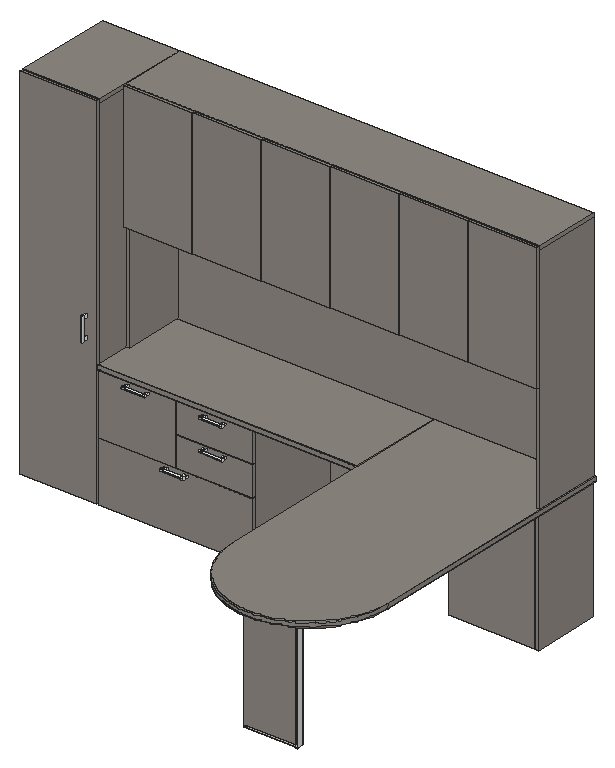
Revit family "JSI-Vision-Typical_Veneer-VSV013", category Furniture, Revit 2020
Family settings
  OmniClass Number = 23.40.20.00
  OmniClass Title = General Furniture and Specialties
  Work Plane-Based = No
  Always vertical = Yes
  Cut with Voids When Loaded = No
  Shared = No
  Room Calculation Point = No
Parameters (values of type "VST013")
  URL = "www.jsifurniture.com"
  Type Comments = "Typical Laminate"  # constant formula
  Model = "VST013"
  Manufacturer = "JSI"  # constant formula
  Keynote = "12500"
  Description = "Typical Laminate"
  Default Elevation = 0"
  Assembly Code = "E2020200"
Reference planes (in)
  plane 1 "Center Front/Back": y = 0
  plane 2: z = 0
  plane 3 "Center Left/Right": x = 0
Dimensions and locks (in)
  aligned and locked: plane 2 to level
Nested families (in)
  nested 1: "JSI-Vision-Double_Height_Overhead_Cabinets" at (17.8125, 0, -0.816), type "VSV1696DSO -  Veneer Dbl H OH Cabinet 16" x 96" -  6 Doors"
    with Verticall Partition Distance 31 13/16", Unit Centre 48", Width 96", Door Width Actual 15 13/16", Door Array Spacing 15 15/16", Door Width 15 13/16"
  nested 2: "JSI-Vision-Storage_Cabinet" at (0, 0.125, 0), type "VSV2418-84HL, Veneer 84" H Strg Cab24" x 18""
    with Width 17.88", Unit Centre 8.8775", Shelve Width 16.255", Pull Distance 15.13", HRL yes, Actual Width 17.755"
  nested 3: "JSI-Vision-Multi_File_Return" at (78, 0, 0), type "VSV2460MLL, Veneer Multi File Ret, Left Handed, 24" x 60""
    with Width 60", Ped Position 24", Ped Height 27.9965", Lat Pstn 18", Height 29.184", Ped Depth 23 5/8", Modesty Width 24 7/8", Grommet Position 13.56", Depth 24"
  nested 4: "JSI-Vision-Modular_Bullet_Desk_Top" at (88.75, 36.0641344, -0.816) x (0, 1, 0) z (0, 0, 1), type "VSV3678MBULT -  Modular Bullet Desk Top 78"W x 36"D"
    with Width 78", Radius 18", Depth 36"
  nested 5: "JSI-Vision-Executive_Base" at (89.75, -70.5000766, 0) x (0, 1, 0) z (0, 0, 1), type "VSV1328PEXB, Column Base 28 5/16"H"
  nested 6: "JSI-Vision-Support_Rail_Work_Surface" at (88.5741607, -63.7686668, 0.1842776) x (0, 1, 0) z (0, 0, 1), type "GP0249SB, Metal Support Rail for Work Surface  2W49 L 3/4H"
  nested 7: "JSI-Vision-Support_Rail_Work_Surface" at (103.4258393, -63.7686668, 0.1842776) x (0, 1, 0) z (0, 0, 1), type "GP0249SB, Metal Support Rail for Work Surface  2W49 L 3/4H"
  nested 8: "JSI-Vision-Modular_Wing_End_Support" at (113.75, -0.0625, 0) x (0, -1, 0) z (0, 0, 1), type "VSV1636WEAL, Wing End Sup - Left"
    with Depth 36"
Definition of nested family "JSI-Vision-Double_Height_Overhead_Cabinets"
  Parameters (values of type "Double Height Overhead Cabbinet - Type Catalog Family")
    Verticall Partition Distance = (Door Width * 2) + 3/16"  # 29 13/16"
    Unit Centre = Width / 2  # 45"
    Top = none
    Width = 90"
    URL = "www.jsifurniture.com"
    Type Comments = ""
    Tag = "6 Doors"
    Series = "Vision Casegoods"  # constant formula
    Right Vertical Partition = yes
    Overhead Height = 26 1/2"
    Model = "Type Catalog"
    Material = ""
    Manufacturer = "JSI"  # constant formula
    Left Vertical Partition = yes
    Keynote = "12500"  # constant formula
    JSI Enviromental Website = "http://www.jsifurniture.com/jsi_sustainability_intro.php"
    Height = 54"
    Grommet Finish = none
    Gromett Height = 24 5/8"
    Door Width Actual = if(# of Doors > 4, ((Width - 1 1/8") / # of Doors), if(# of Doors > 3, (((Width - 1 1/8") / # of Doors) + 1/16"), if(# of Doors > 2, (((Width - 1 1/8") / # of Doors) + 1/8"), (((Width - 1 1/8") / # of Doors) + 1/4"))))  # 14 13/16"
    Door Array Spacing = Door Width + 1/8"  # 14 15/16"
    Door Width = Door Width Actual  # 14 13/16"
    Door Front = none
    Description = "Type Catalog"
    Depth = 16"
    Default Elevation = 0"
    Chassis = none
    Assembly Code = "E2020200"
    # of Doors = if(Width > 89", 6, (if(Width > 53", 4, (if(Width > 41", 3, (if(Width > 30", 2, 2)))))))  # 6
  Reference planes (in)
    plane 1 "Center Front/Back": y = 0
    plane 2: z = 30
    plane 3 "Center Left/Right": x = 0
    plane 4: z = 0
    plane 5: y = -0.125
    plane 6: x = 90
    plane 7: x = 0.125
    plane 8: x = 89.875
    plane 9: y = -15.5625
    plane 10: y = -16
    plane 11: z = 84.5
    plane 12: z = 84
    plane 13: x = 0.875
    plane 14: x = 89.125
    plane 15: y = -0.875
    plane 16: y = -0.9375
    plane 17: y = -1.6875
    plane 18: z = 83.75
    plane 19: z = 56.5
    plane 20: z = 57.25
    plane 21: z = 55
    plane 22: y = -14.8125
    plane 23: y = -14.0625
    plane 24: z = 70.5
    plane 25: z = 70.875
    plane 26: z = 70.125
    plane 27: x = 0.25
    plane 28: x = 89.75
    plane 29: z = 84.4375
    plane 30: z = 55.1875
    plane 31: y = -15.6875
    plane 32: y = -16.4375
    plane 33: x = 18.0625
    plane 34: x = 18.1875
    plane 35: x = 18.125
    plane 36: x = 45
    plane 37: x = 30.0625
    plane 38: x = 59.9375
    plane 39: x = 29.6875
    plane 40: x = 30.4375
    plane 41: x = 59.5625
    plane 42: x = 60.3125
    plane 43 "Not a Reference": x = 6.875
    plane 44: x = 83.125
  Forms (in)
    Extrusion 1, solid, material <- "Chassis"
      sketch origin (0, 0, 0) x (1, 0, 0) y (0, 1, 0)
        loop
          line (0.125, -0.125) -> (0.125, -15.5625) -> (0.875, -15.5625) -> (0.875, -0.125) -> (0.125, -0.125)
      from 30 to 83.75
    Extrusion 2, solid, material <- "Chassis"
      sketch origin (0, 0, 0) x (1, 0, 0) y (0, 1, 0)
        loop
          line (89.875, -0.125) -> (89.125, -0.125) -> (89.125, -15.5625) -> (89.875, -15.5625) -> (89.875, -0.125)
      from 30 to 83.75
    Extrusion 3, solid, material <- "Top"
      sketch origin (0, 0, 30) x (1, 0, 0) y (0, 0, 1)
        loop
          line (0.125, 54.5) -> (0.125, 53.75) -> (89.875, 53.75) -> (89.875, 54.5) -> (0.125, 54.5)
      from 0.125 to 15.5625
    Extrusion 4, solid, material <- "Chassis"
      sketch origin (0, 0, 30) x (1, 0, 0) y (0, 0, 1)
        loop
          line (0.875, 27.25) -> (0.875, 26.5) -> (89.125, 26.5) -> (89.125, 27.25) -> (0.875, 27.25)
      from 1.6875 to 15.5625
    Extrusion 5, solid, material <- "Chassis"
      sketch origin (0, 0, 0) x (1, 0, 0) y (0, 1, 0)
        loop
          line (0.875, -14.0625) -> (0.875, -14.8125) -> (89.125, -14.8125) -> (89.125, -14.0625) -> (0.875, -14.0625)
      from 55 to 56.5
    Extrusion 6, solid, material <- "Chassis"
      sketch origin (0, 0, 30) x (1, 0, 0) y (0, 0, 1)
        loop
          line (0.875, 40.875) -> (0.875, 40.125) -> (89.125, 40.125) -> (89.125, 40.875) -> (0.875, 40.875)
      from 1.6875 to 15.5625
    Extrusion 7, solid, material <- "Door Front"
      sketch origin (-3, 0, 30) x (1, 0, 0) y (0, 1, 0)
        loop
          line (3.25, -15.6875) -> (3.25, -16.4375) -> (18.0625, -16.4375) -> (18.0625, -15.6875) -> (3.25, -15.6875)
      from 25.1875 to 54.4375
    Extrusion 8, solid, material <- "Door Front"
      sketch origin (11.9375, 0, 30) x (1, 0, 0) y (0, 1, 0)
        loop
          line (3.25, -15.6875) -> (3.25, -16.4375) -> (18.0625, -16.4375) -> (18.0625, -15.6875) -> (3.25, -15.6875)
      from 25.1875 to 54.4375
    Extrusion 9, solid, material <- "Chassis", visible <- "Left Vertical Partition"
      sketch origin (0, 0, 0) x (1, 0, 0) y (0, 1, 0)
        loop
          line (29.6875, -1.6875) -> (29.6875, -15.5625) -> (30.4375, -15.5625) -> (30.4375, -1.6875) -> (29.6875, -1.6875)
      from 57.25 to 83.75
    Extrusion 10, solid, material <- "Chassis", visible <- "Right Vertical Partition"
      sketch origin (0, 0, 0) x (1, 0, 0) y (0, 1, 0)
        loop
          line (59.5625, -1.6875) -> (59.5625, -15.5625) -> (60.3125, -15.5625) -> (60.3125, -1.6875) -> (59.5625, -1.6875)
      from 57.25 to 83.75
    Extrusion 11, solid, material <- "Chassis"
      sketch origin (130.6199223, -0.9375, 78) x (1, 0, 0) y (0, 0, 1)
        loop
          line (-129.7449223, 5.75) -> (-129.7449223, -48) -> (-41.4949223, -48) -> (-41.4949223, 5.75) -> (-129.7449223, 5.75)
        loop
          circle (-117.119781, -22.09427) r 0.3359375
        loop
          circle (-54.1200636, -22.09427) r 0.3359375
      from 0 to 0.75
    Extrusion 12, solid, material <- "Door Front"
      sketch origin (26.875, 0, 30) x (1, 0, 0) y (0, 1, 0)
        loop
          line (3.25, -15.6875) -> (3.25, -16.4375) -> (18.0625, -16.4375) -> (18.0625, -15.6875) -> (3.25, -15.6875)
      from 25.1875 to 54.4375
    Extrusion 13, solid, material <- "Door Front"
      sketch origin (41.8125, 0, 30) x (1, 0, 0) y (0, 1, 0)
        loop
          line (3.25, -15.6875) -> (3.25, -16.4375) -> (18.0625, -16.4375) -> (18.0625, -15.6875) -> (3.25, -15.6875)
      from 25.1875 to 54.4375
    Extrusion 14, solid, material <- "Door Front"
      sketch origin (56.75, 0, 30) x (1, 0, 0) y (0, 1, 0)
        loop
          line (3.25, -15.6875) -> (3.25, -16.4375) -> (18.0625, -16.4375) -> (18.0625, -15.6875) -> (3.25, -15.6875)
      from 25.1875 to 54.4375
    Extrusion 15, solid, material <- "Door Front"
      sketch origin (71.6875, 0, 30) x (1, 0, 0) y (0, 1, 0)
        loop
          line (3.25, -15.6875) -> (3.25, -16.4375) -> (18.0625, -16.4375) -> (18.0625, -15.6875) -> (3.25, -15.6875)
      from 25.1875 to 54.4375
  Lines and regions (in)
    symbolic lines
      curve 1: line (0.125, -0.125, 0) -> (0.125, -15.5625, 0)
      curve 2: line (0.125, -15.5625, 0) -> (89.875, -15.5625, 0)
      curve 3: line (89.875, -15.5625, 0) -> (89.875, -0.125, 0)
      curve 4: line (89.875, -0.125, 0) -> (0.125, -0.125, 0)
      curve 5: line (0.25, -15.6875, 0) -> (15.0625, -15.6875, 0)
      curve 6: line (0.25, -16.4375, 0) -> (0.25, -15.6875, 0)
      curve 7: line (15.0625, -16.4375, 0) -> (0.25, -16.4375, 0)
      curve 8: line (15.0625, -15.6875, 0) -> (15.0625, -16.4375, 0)
      curve 9: line (15.1875, -15.6875, 0) -> (30, -15.6875, 0)
      curve 10: line (15.1875, -16.4375, 0) -> (15.1875, -15.6875, 0)
      curve 11: line (30, -16.4375, 0) -> (15.1875, -16.4375, 0)
      curve 12: line (30, -15.6875, 0) -> (30, -16.4375, 0)
      curve 13: line (30.125, -15.6875, 0) -> (44.9375, -15.6875, 0)
      curve 14: line (30.125, -16.4375, 0) -> (30.125, -15.6875, 0)
      curve 15: line (44.9375, -16.4375, 0) -> (30.125, -16.4375, 0)
      curve 16: line (44.9375, -15.6875, 0) -> (44.9375, -16.4375, 0)
      curve 17: line (45.0625, -15.6875, 0) -> (59.875, -15.6875, 0)
      curve 18: line (45.0625, -16.4375, 0) -> (45.0625, -15.6875, 0)
      curve 19: line (59.875, -16.4375, 0) -> (45.0625, -16.4375, 0)
      curve 20: line (59.875, -15.6875, 0) -> (59.875, -16.4375, 0)
      curve 21: line (60, -15.6875, 0) -> (74.8125, -15.6875, 0)
      curve 22: line (60, -16.4375, 0) -> (60, -15.6875, 0)
      curve 23: line (74.8125, -16.4375, 0) -> (60, -16.4375, 0)
      curve 24: line (74.8125, -15.6875, 0) -> (74.8125, -16.4375, 0)
      curve 25: line (74.9375, -15.6875, 0) -> (89.75, -15.6875, 0)
      curve 26: line (74.9375, -16.4375, 0) -> (74.9375, -15.6875, 0)
      curve 27: line (89.75, -16.4375, 0) -> (74.9375, -16.4375, 0)
      curve 28: line (89.75, -15.6875, 0) -> (89.75, -16.4375, 0)
  Dimensions and locks (in)
    plane 3 "Center Left/Right" to plane 7 to plane 27 = 1/8" locked, 1/8" locked
    plane 28 to plane 8 to plane 6 = 1/8" locked, 1/8" locked
    locked: plane 5 to plane 1 "Center Front/Back" at 0.125
    plane 10 to plane 9 to plane 22 to plane 23 = 7/16" locked, 3/4" locked, 3/4" locked
    "Width": plane 3 "Center Left/Right" to plane 6
    "Depth": plane 10 to plane 1 "Center Front/Back"
    locked: plane 11 to plane 12 at 0.5
    locked: plane 7 to plane 13 at 0.75
    locked: plane 14 to plane 8 at 0.75
    locked: plane 15 to plane 5 at 0.75
    plane 17 to plane 16 to plane 5 = 3/4" locked, 13/16" locked
    locked: plane 11 to plane 18 at 0.75
    plane 20 to plane 19 to plane 21 = 3/4" locked, 1 1/2" locked
    equal spacing: plane 18, plane 24, plane 20
    plane 25 to plane 24 to plane 26 = 3/8" locked, 3/8" locked
    locked: plane 11 to plane 29 at 0.0625
    locked: plane 30 to plane 21 at 0.1875
    plane 32 to plane 31 to plane 9 = 3/4" locked, 1/8" locked
    plane 33 to plane 35 to plane 34 = 1/16" locked, 1/16" locked
    "Door Width": Extrusion 7 sketch curve to Extrusion 7 sketch curve
    "Door Width": Extrusion 8 sketch curve to Extrusion 8 sketch curve
    equal spacing: group 1, group 2, group 3, group 4, group 5, group 6  (x3)
    "Door Array Spacing": Extrusion 7 to Extrusion 8
    "Verticall Partition Distance": plane 27 to plane 37
    plane 39 to plane 37 to plane 40 = 3/8" locked, 3/8" locked
    plane 41 to plane 38 to plane 42 = 3/8" locked, 3/8" locked
    "Verticall Partition Distance": plane 38 to plane 28
    "Unit Centre": plane 3 "Center Left/Right" to plane 36
    locked: plane 13 to plane 43 "Not a Reference" at 6
    locked: plane 44 to plane 14 at 6
    locked: plane 12 to plane 2 at 54
    "Overhead Height": plane 19 to plane 2
    plane 2 to level = 30"
    "Door Width": Extrusion 12 sketch curve to Extrusion 12 sketch curve
    "Door Width": Extrusion 13 sketch curve to Extrusion 13 sketch curve
    "Door Width": Extrusion 14 sketch curve to Extrusion 14 sketch curve
    "Door Width": Extrusion 15 sketch curve to Extrusion 15 sketch curve
    locked: Extrusion 11 sketch curve to Extrusion 11 sketch curve at 12.6251413  (x2)
    locked: Extrusion 11 sketch curve to Extrusion 11 sketch curve at 27.84427  (x2)
    aligned and locked: plane 5 to Extrusion 1 sketch curve
    aligned and locked: plane 7 to Extrusion 1 sketch curve
    aligned and locked: Extrusion 1 sketch curve to plane 13
    aligned and locked: Extrusion 2 sketch curve to plane 5
    aligned and locked: plane 8 to Extrusion 2 sketch curve
    aligned and locked: Extrusion 2 sketch curve to plane 14
    aligned and locked: Extrusion 3 sketch curve to plane 11
    aligned and locked: plane 7 to Extrusion 3 sketch curve
    aligned and locked: Extrusion 3 to plane 5
    aligned and locked: plane 9 to Extrusion 1
    aligned and locked: plane 9 to Extrusion 2
    aligned and locked: plane 9 to Extrusion 3
    aligned and locked: Extrusion 4 sketch curve to plane 20
    aligned and locked: plane 13 to Extrusion 4 sketch curve
    aligned and locked: plane 19 to Extrusion 4 sketch curve
    aligned and locked: Extrusion 4 sketch curve to plane 14
    aligned and locked: Extrusion 4 to plane 17
    aligned and locked: plane 9 to Extrusion 4
    aligned and locked: plane 23 to Extrusion 5 sketch curve
    aligned and locked: plane 13 to Extrusion 5 sketch curve
    aligned and locked: Extrusion 5 sketch curve to plane 22
    aligned and locked: Extrusion 5 sketch curve to plane 14
    aligned and locked: plane 19 to Extrusion 5
    aligned and locked: Extrusion 5 to plane 21
    aligned and locked: Extrusion 6 sketch curve to plane 25
    aligned and locked: plane 13 to Extrusion 6 sketch curve
    aligned and locked: plane 26 to Extrusion 6 sketch curve
    aligned and locked: Extrusion 6 sketch curve to plane 14
    aligned and locked: Extrusion 6 to plane 17
    aligned and locked: plane 9 to Extrusion 6
    aligned and locked: plane 29 to Extrusion 7
    aligned and locked: Extrusion 7 to plane 30
    aligned and locked: Extrusion 7 to plane 27
    aligned and locked: plane 17 to Extrusion 9 sketch curve
    aligned and locked: plane 39 to Extrusion 9 sketch curve
    aligned and locked: Extrusion 9 sketch curve to plane 9
    aligned and locked: Extrusion 9 sketch curve to plane 40
    aligned and locked: plane 17 to Extrusion 10 sketch curve
    aligned and locked: plane 41 to Extrusion 10 sketch curve
    aligned and locked: Extrusion 10 sketch curve to plane 9
    aligned and locked: Extrusion 10 sketch curve to plane 42
    aligned and locked: plane 18 to Extrusion 9
    aligned and locked: Extrusion 9 to plane 20
    aligned and locked: plane 18 to Extrusion 10
    aligned and locked: Extrusion 10 to plane 20
    aligned and locked: Extrusion 1 to Extrusion 11 sketch curve
    aligned and locked: Extrusion 11 sketch curve to Extrusion 2
    aligned and locked: Extrusion 11 to plane 16
    aligned and locked: plane 17 to Extrusion 11
    aligned and locked: plane 36 to nested 1
    aligned and locked: plane 32 to nested 1
    aligned and locked: plane 18 to Extrusion 1
    aligned and locked: plane 18 to Extrusion 2
    aligned and locked: plane 29 to Extrusion 8
    aligned and locked: curve 5 to Extrusion 7
    aligned and locked: curve 6 to Extrusion 7
    aligned and locked: curve 7 to Extrusion 7
    aligned and locked: curve 8 to Extrusion 7
    aligned and locked: curve 9 to Extrusion 8
    aligned and locked: curve 10 to Extrusion 8
    aligned and locked: curve 11 to Extrusion 8
    aligned and locked: curve 12 to Extrusion 8
    aligned and locked: Extrusion 11 to plane 2
    aligned and locked: plane 18 to Extrusion 11
    aligned and locked: curve 13 to Extrusion 12
    aligned and locked: curve 14 to Extrusion 12
    aligned and locked: curve 15 to Extrusion 12
    aligned and locked: curve 16 to Extrusion 12
    aligned and locked: curve 17 to Extrusion 13
    aligned and locked: curve 18 to Extrusion 13
    aligned and locked: curve 19 to Extrusion 13
    aligned and locked: curve 20 to Extrusion 13
    aligned and locked: curve 21 to Extrusion 14
    aligned and locked: curve 22 to Extrusion 14
    aligned and locked: curve 23 to Extrusion 14
    aligned and locked: curve 24 to Extrusion 14
    aligned and locked: curve 25 to Extrusion 15
    aligned and locked: curve 26 to Extrusion 15
    aligned and locked: curve 27 to Extrusion 15
    aligned and locked: curve 28 to Extrusion 15
  Automatic sketch dimensions
    Extrusion 1 sketch curve to plane 10 = 7/16"
    Extrusion 3 sketch curve to plane 8 = 0"
    Extrusion 3 sketch curve to plane 18 = 0"
    plane 9 to Extrusion 2 sketch curve = 0"
    Extrusion 7 sketch curve to Extrusion 7 sketch curve = 3/4"
    Extrusion 8 sketch curve to Extrusion 8 sketch curve = 3/4"
    curve 1 to plane 7 = 0"
    plane 5 to curve 3 = 0"
    curve 4 to plane 8 = 0"
    plane 9 to curve 1 = 0"
    curve 6 to curve 7 = 14 13/16"
    curve 6 to curve 6 = 3/4"
    curve 10 to curve 11 = 14 13/16"
    curve 10 to curve 10 = 3/4"
    Extrusion 12 sketch curve to Extrusion 12 sketch curve = 3/4"
    curve 14 to curve 15 = 14 13/16"
    curve 14 to curve 14 = 3/4"
    Extrusion 13 sketch curve to Extrusion 13 sketch curve = 3/4"
    curve 18 to curve 19 = 14 13/16"
    curve 18 to curve 18 = 3/4"
    Extrusion 14 sketch curve to Extrusion 14 sketch curve = 3/4"
    curve 22 to curve 23 = 14 13/16"
    curve 22 to curve 22 = 3/4"
    Extrusion 15 sketch curve to Extrusion 15 sketch curve = 3/4"
    curve 26 to curve 27 = 14 13/16"
    curve 26 to curve 26 = 3/4"
    Extrusion 11 sketch curve to plane 2 = 0"
    Extrusion 11 sketch curve to plane 18 = 0"
    radius of Extrusion 11 sketch curve = 43/128"  (x2)
  Nested families (in)
    nested 1: "Label 1-16 OH" at (45, -16.4375, 0), type "OH DOORS"
  Definition of nested family "Label 1-16 OH"
    Parameters
      Width = 1"
      Model Name = "XX"
    Reference planes (in)
      plane 1: y = 0
      plane 2: x = 0
    Text (in)
      label "XX" at (0.0005059, -0.1232411, 0), shows "Model Name"
Definition of nested family "JSI-Vision-Storage_Cabinet"
  Parameters (values of type "Type Catalog")
    Top = none
    Width = 18"
    Unit Centre = Actual Width / 2  # 8 15/16"
    URL = "www.jsifurniture.com"
    Type Comments = ""
    Tag = "Type Catalog"
    Shelve Width = Actual Width - 1 1/2"  # 16 3/8"
    Shelve Depth = Actual Depth - 1 11/16"  # 21 5/16"
    Series = "Vision Casegoods"  # constant formula
    Pull Position = 36"
    Pull Finish = none
    Pull Distance = if(HRL, (Actual Width - 2 5/8"), 2 1/2")  # 2 1/2"
    Model = "Type Catalog"
    Material = ""
    Manufacturer = "JSI"  # constant formula
    Keynote = "12500"  # constant formula
    JSI Enviromental Website = "http://www.jsifurniture.com/jsi_sustainability_intro.php"
    Height = 84"
    HRL = no
    Fix Shelve = 14 3/4"  # constant formula
    Door Front = none
    Description = "Type Catalog"
    Depth = 24"
    Default Elevation = 0"
    Chassis = none
    Bottom Adjustable Shelve = Fix Shelve * 2  # 29 1/2"
    Assembly Code = "E2020200"
    Adjustable Shelves Array Distance = if(Height > 42", ((Height - 3 3/4" - (Fix Shelve * 2)) / (# of Adjustable Shelves)), 0")  # 12 11/16"
    Actual Width = Width - 1/8"  # 17 7/8"
    Actual Height = if(Height > 54", (Height - 5/16"), (if(Height > 42", (Height + 1 1/8"), if(Height > 30", (Height - 3/8"), (Height - 13/16")))))  # 83 11/16"
    Actual Depth = Depth - 1"  # 23"
    # of Adjustable Shelves = if(Height > 72", 4, (if(Height > 57", 3, 2)))  # 4
  Reference planes (in)
    plane 1 "Center Front/Back": y = 0
    plane 2: z = 0
    plane 3 "Center Left/Right": x = 0
    plane 4: z = 0
    plane 5: x = 17.875
    plane 6: y = -0.125
    plane 7: y = -23.125
    plane 8: z = 83.6875
    plane 9: y = -0.875
    plane 10: y = -22.9375
    plane 11: y = -22.1875
    plane 12: x = 0.75
    plane 13: x = 17.125
    plane 14: z = 1.1875
    plane 15: z = 1.9375
    plane 16: z = 82.9375
    plane 17: z = 83.3125
    plane 18: z = 17.0625
    plane 19: z = 32.5625
    plane 20: z = 42.625
    plane 21: z = 56.1875
    plane 22: z = 69.75
    plane 23: z = 70.125
    plane 24: z = 69.375
    plane 25: z = 56.5625
    plane 26: z = 55.8125
    plane 27: z = 43
    plane 28: z = 42.25
    plane 29: z = 32.9375
    plane 30: z = 32.1875
    plane 31: z = 17.4375
    plane 32: z = 16.6875
    plane 33: x = 8.9375
    plane 34: x = 0.0625
    plane 35: x = 17.8125
    plane 36: x = 9
    plane 37: x = 8.875
    plane 38: z = 1.03125
    plane 39: y = -23.25
    plane 40: y = -24
    plane 41: x = 2.5625
    plane 42: z = 30.9375
    plane 43: z = 83.625
    plane 44: z = 36
    plane 45: y = -23
  Forms (in)
    Extrusion 1, solid, material <- "Chassis"
      sketch origin (0, 0, 0) x (1, 0, 0) y (0, 1, 0)
        loop
          line (0, -0.125) -> (0, -0.875) -> (17.875, -0.875) -> (17.875, -0.125) -> (0, -0.125)
      from 0 to 82.9375
    Extrusion 2, solid, material <- "Chassis"
      sketch origin (0, 0, 0) x (1, 0, 0) y (0, 1, 0)
        loop
          line (0, -0.875) -> (0, -23.125) -> (0.75, -23.125) -> (0.75, -0.875) -> (0, -0.875)
      from 0 to 82.9375
    Extrusion 3, solid, material <- "Chassis"
      sketch origin (0, 0, 0) x (1, 0, 0) y (0, 1, 0)
        loop
          line (17.125, -0.875) -> (17.125, -23.125) -> (17.875, -23.125) -> (17.875, -0.875) -> (17.125, -0.875)
      from 0 to 82.9375
    Extrusion 4, solid, material <- "Top"
      sketch origin (0, 0, 0) x (0, 1, 0) y (0, 0, 1)
        loop
          line (-0.125, 83.6875) -> (-23.125, 83.6875) -> (-23.125, 82.9375) -> (-0.125, 82.9375) -> (-0.125, 83.6875)
      from 0 to 17.875
    Extrusion 5, solid, material <- "Chassis"
      sketch origin (0, 0, 0) x (0, 1, 0) y (0, 0, 1)
        loop
          line (-0.875, 1.9375) -> (-22.1875, 1.9375) -> (-22.1875, 1.1875) -> (-0.875, 1.1875) -> (-0.875, 1.9375)
      from 0.75 to 17.125
    Extrusion 6, solid, material <- "Chassis"
      sketch origin (0, 0, 0) x (0, 1, 0) y (0, 0, 1)
        loop
          line (-22.1875, 1.9375) -> (-22.9375, 1.9375) -> (-22.9375, 0) -> (-22.1875, 0) -> (-22.1875, 1.9375)
      from 0.75 to 17.125
    Extrusion 7, solid, material <- "Chassis"
      sketch origin (0, 0, 0) x (1, 0, 0) y (0, 0, 1)
        loop
          line (0.75, 17.4375) -> (0.75, 16.6875) -> (17.125, 16.6875) -> (17.125, 17.4375) -> (0.75, 17.4375)
      from 0.875 to 22.1875
    Extrusion 8, solid, material <- "Chassis"
      sketch origin (-30, -7.5625, 2) x (1, 0, 0) y (0, 0, 1)
        loop
          line (30.75, 29.4375) -> (30.75, 28.6875) -> (47.125, 28.6875) -> (47.125, 29.4375) -> (30.75, 29.4375)
      from -6.6875 to 14.625
    Extrusion 9, solid, material <- "Chassis"
      sketch origin (-30, -7.5625, 14.6875) x (1, 0, 0) y (0, 0, 1)
        loop
          line (30.75, 29.4375) -> (30.75, 28.6875) -> (47.125, 28.6875) -> (47.125, 29.4375) -> (30.75, 29.4375)
      from -6.6875 to 14.625
    Extrusion 10, solid, material <- "Door Front"
      sketch origin (0, 0, 0) x (1, 0, 0) y (0, 1, 0)
        loop
          line (0.0625, -23.25) -> (0.0625, -24) -> (17.8125, -24) -> (17.8125, -23.25) -> (0.0625, -23.25)
      from 0.125 to 83.625
    Extrusion 11, solid, material <- "Chassis"
      sketch origin (-30, -7.5625, 27.375) x (1, 0, 0) y (0, 0, 1)
        loop
          line (30.75, 29.4375) -> (30.75, 28.6875) -> (47.125, 28.6875) -> (47.125, 29.4375) -> (30.75, 29.4375)
      from -6.6875 to 14.625
    Extrusion 12, solid, material <- "Chassis"
      sketch origin (-30, -7.5625, 40.0625) x (1, 0, 0) y (0, 0, 1)
        loop
          line (30.75, 29.4375) -> (30.75, 28.6875) -> (47.125, 28.6875) -> (47.125, 29.4375) -> (30.75, 29.4375)
      from -6.6875 to 14.625
  Lines and regions (in)
    symbolic lines
      curve 1: line (17.875, -0.125, 0) -> (0, -0.125, 0)
      curve 2: line (0, -0.125, 0) -> (0, -23.125, 0)
      curve 3: line (0, -23.125, 0) -> (17.875, -23.125, 0)
      curve 4: line (17.875, -23.125, 0) -> (17.875, -0.125, 0)
      curve 5: line (17.8125, -24, 0) -> (17.8125, -23.25, 0)
      curve 6: line (17.8125, -23.25, 0) -> (0.0625, -23.25, 0)
      curve 7: line (0.0625, -24, 0) -> (17.8125, -24, 0)
      curve 8: line (0.0625, -23.25, 0) -> (0.0625, -24, 0)
  Dimensions and locks (in)
    locked: plane 6 to plane 1 "Center Front/Back" at 0.125
    plane 7 to plane 10 to plane 11 = 3/16" locked, 3/4" locked
    locked: plane 3 "Center Left/Right" to plane 12 at 0.75
    locked: plane 13 to plane 5 at 0.75
    plane 15 to plane 14 to plane 4 = 3/4" locked, 1 3/16" locked
    locked: plane 8 to plane 16 at 0.75
    locked: plane 17 to plane 16 at 0.375
    plane 23 to plane 22 to plane 24 = 3/8" locked, 3/8" locked
    plane 25 to plane 21 to plane 26 = 3/8" locked, 3/8" locked
    plane 27 to plane 20 to plane 28 = 3/8" locked, 3/8" locked
    plane 29 to plane 19 to plane 30 = 3/8" locked, 3/8" locked
    plane 31 to plane 18 to plane 32 = 3/8" locked, 3/8" locked
    "Fix Shelve": plane 32 to plane 15
    equal spacing: plane 30, plane 18, plane 15
    "Actual Width": plane 3 "Center Left/Right" to plane 5
    equal spacing: group 1, group 2, group 3, group 4  (x3)
    "Adjustable Shelves Array Distance": Extrusion 9 to Extrusion 8
    "Bottom Adjustable Shelve": Extrusion 8 to plane 15
    "Shelve Width": Extrusion 8 sketch curve to Extrusion 8 sketch curve
    "Shelve Width": Extrusion 9 sketch curve to Extrusion 9 sketch curve
    "Unit Centre": plane 3 "Center Left/Right" to plane 33
    "Actual Height": plane 8 to plane 4
    locked: plane 3 "Center Left/Right" to plane 34 at 0.0625
    plane 37 to plane 33 to plane 36 = 1/16" locked, 1/16" locked
    locked: plane 35 to plane 5 at 0.0625
    locked: plane 14 to plane 38 at 0.15625
    plane 40 to plane 39 to plane 7 = 3/4" locked, 1/8" locked
    locked: plane 29 to plane 42 at 2
    locked: plane 8 to plane 43 at 0.0625
    "Pull Position": plane 44 to level
    "Pull Distance": plane 34 to plane 41
    "Shelve Depth": Extrusion 8 to Extrusion 8
    "Actual Depth": plane 7 to plane 6
    "Shelve Depth": Extrusion 9 to Extrusion 9
    "Shelve Width": Extrusion 11 sketch curve to Extrusion 11 sketch curve
    "Shelve Depth": Extrusion 11 to Extrusion 11
    "Shelve Width": Extrusion 12 sketch curve to Extrusion 12 sketch curve
    "Shelve Depth": Extrusion 12 to Extrusion 12
    locked: plane 4 to Extrusion 10 at 0.125
    aligned and locked: level to plane 2
    aligned and locked: plane 6 to Extrusion 1 sketch curve
    aligned and locked: Extrusion 1 sketch curve to plane 9
    aligned and locked: Extrusion 1 sketch curve to plane 5
    aligned and locked: plane 3 "Center Left/Right" to Extrusion 1 sketch curve
    aligned and locked: Extrusion 1 to plane 4
    aligned and locked: plane 16 to Extrusion 1
    aligned and locked: plane 3 "Center Left/Right" to Extrusion 2 sketch curve
    aligned and locked: Extrusion 2 sketch curve to plane 12
    aligned and locked: Extrusion 2 sketch curve to plane 7
    aligned and locked: plane 9 to Extrusion 2 sketch curve
    aligned and locked: plane 13 to Extrusion 3 sketch curve
    aligned and locked: Extrusion 3 sketch curve to plane 5
    aligned and locked: Extrusion 3 sketch curve to plane 7
    aligned and locked: plane 9 to Extrusion 3 sketch curve
    aligned and locked: Extrusion 2 to plane 4
    aligned and locked: Extrusion 3 to plane 4
    aligned and locked: plane 16 to Extrusion 2
    aligned and locked: plane 16 to Extrusion 3
    aligned and locked: plane 16 to Extrusion 4 sketch curve
    aligned and locked: Extrusion 4 sketch curve to plane 8
    aligned and locked: plane 6 to Extrusion 4 sketch curve
    aligned and locked: Extrusion 4 sketch curve to plane 7
    aligned and locked: Extrusion 4 to plane 3 "Center Left/Right"
    aligned and locked: plane 5 to Extrusion 4
    aligned and locked: Extrusion 5 sketch curve to plane 11
    aligned and locked: plane 14 to Extrusion 5 sketch curve
    aligned and locked: Extrusion 5 sketch curve to plane 15
    aligned and locked: plane 9 to Extrusion 5 sketch curve
    aligned and locked: Extrusion 5 to plane 12
    aligned and locked: plane 13 to Extrusion 5
    aligned and locked: plane 11 to Extrusion 6 sketch curve
    aligned and locked: Extrusion 6 sketch curve to plane 10
    aligned and locked: plane 4 to Extrusion 6 sketch curve
    aligned and locked: Extrusion 6 sketch curve to plane 15
    aligned and locked: Extrusion 6 to plane 12
    aligned and locked: plane 13 to Extrusion 6
    aligned and locked: level to plane 4
    aligned and locked: Extrusion 7 sketch curve to plane 31
    aligned and locked: plane 32 to Extrusion 7 sketch curve
    aligned and locked: Extrusion 7 sketch curve to plane 13
    aligned and locked: plane 12 to Extrusion 7 sketch curve
    aligned and locked: Extrusion 7 to plane 9
    aligned and locked: plane 11 to Extrusion 7
    aligned and locked: Extrusion 8 to plane 12
    aligned and locked: Extrusion 9 to plane 12
    aligned and locked: plane 33 to nested 1
    aligned and locked: plane 40 to nested 1
    aligned and locked: plane 39 to Extrusion 10 sketch curve
    aligned and locked: Extrusion 10 sketch curve to plane 40
    aligned and locked: plane 34 to Extrusion 10 sketch curve
    aligned and locked: plane 35 to Extrusion 10
    aligned and locked: plane 43 to Extrusion 10
    aligned and locked: plane 44 to nested 2
    aligned and locked: plane 41 to nested 2
    aligned and locked: plane 40 to nested 2
    aligned and locked: plane 11 to Extrusion 8
    aligned and locked: plane 11 to Extrusion 9
    aligned and locked: curve 1 to Extrusion 4
    aligned and locked: curve 2 to Extrusion 4
    aligned and locked: curve 3 to Extrusion 4
    aligned and locked: curve 4 to Extrusion 4
    aligned and locked: curve 5 to Extrusion 10
    aligned and locked: curve 6 to Extrusion 10
    aligned and locked: curve 7 to Extrusion 10
    aligned and locked: curve 8 to Extrusion 10
  Automatic sketch dimensions
    Extrusion 8 sketch curve to Extrusion 8 sketch curve = 3/4"
    Extrusion 9 sketch curve to Extrusion 9 sketch curve = 3/4"
    plane 37 to Extrusion 10 sketch curve = 8 15/16"
    Extrusion 11 sketch curve to Extrusion 11 sketch curve = 3/4"
    Extrusion 12 sketch curve to Extrusion 12 sketch curve = 3/4"
  Nested families (in)
    nested 1: "Label 1-16 OH" at (8.9375, -24, 0), type "OH DOORS"
    nested 2: "Vertical Bar Pull" at (2.5625, -24, 36), Pull Finish <- "Pull Finish", type "PL"
      with Pull Finish none
  Definition of nested family "Vertical Bar Pull"
    Parameters
      Pull Finish [instance] = none
      Default Elevation = 0"
    Reference planes (in)
      plane 1 "Center Front/Back": y = 0
      plane 2: z = 0
      plane 3 "Center Left/Right": x = 0
      plane 4: x = -2.6873071
      plane 5: x = -1.8873079
      plane 6: x = 2.6873071
      plane 7: x = 1.8873079
      plane 8: y = -1
      plane 9: y = -0.8520212
      plane 10: z = 2.6873071
      plane 11: z = 1.8873079
      plane 12: z = -1.8873079
      plane 13: z = -2.6873071
    Forms (in)
      Extrusion 1, solid, material <- "Pull Finish"
        sketch origin (0, 0, 0) x (0, 1, 0) y (-1, 0, 0)
          loop
            line (0, -0.2014997) -> (0, 0.2014997) -> (-0.8520212, 0.2014997)
            arc (-0.8520212, 0.2014997) -> (-0.75, 0) -> (-0.8520212, -0.2014997) r 0.2499992
            line (-0.8520212, -0.2014997) -> (0, -0.2014997)
        from 1.8873079 to 2.6873071
      Extrusion 2, solid, material <- "Pull Finish"
        sketch origin (0, 0, 0) x (0, 1, 0) y (-1, 0, 0)
          loop
            circle (-1, 0) r 0.25
        from -2.6873071 to 2.6873071
      Extrusion 3, solid, material <- "Pull Finish"
        sketch origin (0, 0, 0) x (1, 0, 0) y (0, 1, 0)
          loop
            line (0.2014997, 0) -> (-0.2014997, 0) -> (-0.2014997, -0.8520212)
            arc (-0.2014997, -0.8520212) -> (0, -0.75) -> (0.2014997, -0.8520212) r 0.2499992
            line (0.2014997, -0.8520212) -> (0.2014997, 0)
        from 1.8873079 to 2.6873071
      Extrusion 4, solid, material <- "Pull Finish"
        sketch origin (0, 0, -4.574615) x (1, 0, 0) y (0, 1, 0)
          loop
            line (0.2014997, 0) -> (-0.2014997, 0) -> (-0.2014997, -0.8520212)
            arc (-0.2014997, -0.8520212) -> (0, -0.75) -> (0.2014997, -0.8520212) r 0.2499992
            line (0.2014997, -0.8520212) -> (0.2014997, 0)
        from 1.8873079 to 2.6873071
    Dimensions and locks (in)
      plane 4 to plane 5 to plane 3 "Center Left/Right" to plane 7 to plane 6 = 0.8" locked, 1.88731" locked, 1.88731" locked, 0.8" locked
      plane 8 to plane 9 to plane 1 "Center Front/Back" = 0.14798" locked, 0.85202" locked
      plane 13 to plane 12 to plane 2 to plane 11 to plane 10 = 0.8" locked, 1.88731" locked, 1.88731" locked, 0.8" locked
      plane 1 "Center Front/Back" to plane 9 to plane 8 = 0.85202" locked, 0.14798" locked
      aligned and locked: level to plane 2
      aligned and locked: plane 8 to Extrusion 2 sketch curve
      aligned and locked: Extrusion 3 to plane 1 "Center Front/Back"
      aligned and locked: Extrusion 1 to plane 1 "Center Front/Back"
      aligned and locked: Extrusion 4 to plane 1 "Center Front/Back"
      aligned and locked: Extrusion 3 to plane 10
      aligned and locked: Extrusion 3 to plane 11
      aligned and locked: Extrusion 2 to plane 10
      aligned and locked: Extrusion 2 to plane 13
      aligned and locked: Extrusion 4 to plane 13
      aligned and locked: Extrusion 4 to plane 12
      aligned and locked: plane 1 "Center Front/Back" to Extrusion 4
      aligned and locked: plane 1 "Center Front/Back" to Extrusion 3
      aligned and locked: Extrusion 4 to plane 9
      aligned and locked: Extrusion 3 to plane 9
  Definition of nested family "Label 1-16 OH"
    Parameters
      Width = 1"
      Model Name = "1 Door R"
    Reference planes (in)
      plane 1: y = 0
      plane 2: x = 0
    Text (in)
      label "XX" at (0.0005059, -0.1232411, 0), shows "Model Name"
Definition of nested family "JSI-Vision-Multi_File_Return"
  Parameters (values of type "Type Catalog")
    Worksurface = none
    Width = 48"
    URL = "www.jsifurniture.com"
    Type Comments = ""
    Tag = "MULTI"  # constant formula
    Series = "Vision Casegoods"  # constant formula
    Pull Finish = none
    Ped Position = if(L, (Width - 36"), 0")  # 12"
    Ped Height = Height - 1 3/16"  # 28"
    Material = ""
    Lat Pstn = 18.0002"
    Keynote = "12500"
    JIS Enviromental Website = "http://www.jsifurniture.com/jsi_sustainability_intro.php"
    Height = 29 3/16"
    F Pstn = if(L, 26 15/16", 9 1/16")  # 26 15/16"
    Drawer Front = none
    Ped Depth = Depth - 3/8"  # 19 5/8"
    Modesty Position = if(L, (3/4"), Width - 35 7/8")  # 3/4"
    Model = "Type Catalog"
    Manufacturer = "JSI"  # constant formula
    Modesty Width = (Width + 3/4") - 35 7/8"  # 12 7/8"
    Default Elevation = 0"
    Chasis = none
    Insertion Point = if(L, 0", Width)  # 0"
    Grommet Position = 13 9/16"
    Grommet Finish = none
    L = yes
    Description = "Type Catalog"
    Depth = 20"
    BB Pstn = if(L, 9 1/16", 26 15/16")  # 9 1/16"
    Assembly Code = "E2020200"
  Reference planes (in)
    plane 1 "Center Front/Back": y = 0
    plane 2: z = 0
    plane 3 "Center Left/Right": x = 0
    plane 4: x = 0
    plane 5: y = -20
    plane 6: x = -48
    plane 7: z = 29.1875
    plane 8: z = 27.9999981
    plane 9: x = -12
    plane 10: y = -0.8749853
    plane 11: y = -1.6874853
    plane 12: x = -12.125
    plane 13: x = 0.75
    plane 14: y = -2.9308707
    plane 15: x = -5.6875
    plane 16: z = 0.1409261
    plane 17: z = 13.9534261
    plane 18: z = 14.0784261
    plane 19: z = 20.9221761
    plane 20: z = 27.8914261
    plane 21: z = 21.0476761
    plane 22: z = 27.1411532
    plane 23: z = 20.1710219
    plane 24: z = 13.2028356
    plane 25: x = -38.9375
    plane 26: x = -21.0625
    plane 27: y = -19.0574994
    plane 28: y = -19.8074994
    plane 29: x = -30.0002
  Forms (in)
    Extrusion 1, solid, material <- "Worksurface"
      sketch origin (0, 0, 0) x (1, 0, 0) y (0, 1, 0)
        loop
          line (-48, 0) -> (-48, -19.875) -> (0, -19.875) -> (0, 0) -> (-48, 0)
      from 27.9999981 to 29.1875
    Extrusion 2, solid, material <- "Chasis"
      sketch origin (0, 0, 0) x (1, 0, 0) y (0, 0, 1)
        loop
          line (-12.125, 27.9999981) -> (-12.125, 0) -> (0.75, 0) -> (0.75, 27.9999981) -> (-6.0770782, 27.9999981) -> (-12.125, 27.9999981)
      from 0.8749853 to 1.6874853
    Extrusion 3, solid, material <- "Worksurface"
      sketch origin (0, 0, 0) x (0, 1, 0) y (0, 0, 1)
        loop
          arc (-19.875, 29.1875) -> (-19.9633884, 29.1508883) -> (-20, 29.0625) r 0.125
          line (-20, 29.0625) -> (-20, 28.1249981)
          arc (-20, 28.1249981) -> (-19.9633884, 28.0366097) -> (-19.875, 27.9999981) r 0.125
          line (-19.875, 27.9999981) -> (-19.875, 29.1875)
      from -48 to 0
    Extrusion 4, solid, material <- "Drawer Front"
      sketch origin (48.4904177, 1.2118258, 0.7715474) x (1, 0, 0) y (0, 0, 1)
        loop
          line (-96.3032529, 13.1818787) -> (-96.3032529, -0.6306213) -> (-60.6779825, -0.6306213) -> (-60.6779825, 13.1818787) -> (-96.3032529, 13.1818787)
      from 20.2693252 to 21.0193252
    Extrusion 5, solid, material <- "Drawer Front"
      sketch origin (20.5625653, -74.866868, -2.1409268) x (1, 0, 0) y (0, 0, 1)
        loop
          line (-32.7502654, 23.063103) -> (-50.4998653, 23.063103) -> (-50.4998653, 16.219353) -> (-32.7502654, 16.219353) -> (-32.7502654, 23.063103)
        loop
          line (-32.7502654, 23.188603) -> (-32.7502654, 30.032353) -> (-50.4998653, 30.032353) -> (-50.4998653, 23.188603) -> (-32.7502654, 23.188603)
      from -55.8093686 to -55.0593686
    Extrusion 6, solid, material <- "Drawer Front"
      sketch origin (-0.7206317, 3.8125, 0.812501) x (-1, 0, 0) y (0, 0, -1)
        loop
          line (29.3415326, -13.2659252) -> (29.3415326, -27.0789252) -> (47.092204, -27.0789252) -> (47.092204, -13.2659252) -> (29.3415326, -13.2659252)
      from 22.8699994 to 23.6199994
  Lines and regions (in)
    symbolic lines
      curve 1: line (-48, -20, 0) -> (0, -20, 0)
      curve 2: line (-48, 0, 0) -> (-48, -20, 0)
      curve 3: line (0, 0, 0) -> (-48, 0, 0)
      curve 4: line (0, -20, 0) -> (0, 0, 0)
  Dimensions and locks (in)
    "Insertion Point": plane 4 to plane 3 "Center Left/Right"
    "Depth": plane 5 to plane 1 "Center Front/Back"
    "Width": plane 6 to plane 4
    locked: plane 7 to plane 8 at 1.1875019
    "Height": plane 7 to level
    "Ped Position": plane 9 to plane 4
    "Modesty Width": plane 12 to plane 13
    "Modesty Position": plane 3 "Center Left/Right" to plane 13
    plane 14 to plane 11 to plane 10 to plane 1 "Center Front/Back" = 1.24339" locked, 13/16" locked, 7/8" locked
    equal spacing: plane 12, plane 15, plane 13
    equal spacing: Extrusion 6 sketch curve, plane 25, Extrusion 6 sketch curve
    locked: Extrusion 6 sketch curve to Extrusion 6 sketch curve at 17.7506714
    "F Pstn": plane 9 to plane 25
    equal spacing: Extrusion 5 sketch curve, plane 26, Extrusion 5 sketch curve
    locked: Extrusion 5 sketch curve to Extrusion 5 sketch curve at 17.7495999
    "BB Pstn": plane 26 to plane 9
    plane 27 to plane 28 to plane 5 = 3/4" locked, 0.1925" locked
    equal spacing: Extrusion 4 sketch curve, plane 29, Extrusion 4 sketch curve
    "Lat Pstn": plane 29 to plane 9
    locked: Extrusion 4 sketch curve to Extrusion 4 sketch curve at 35.6252704
    plane 8 to plane 20 to plane 21 to plane 19 to plane 18 to plane 17 to plane 16 to plane 2 = 0.10857", 6 27/32", 0.1255", 6 27/32", 1/8", 13 13/16", 0.14093"
    plane 7 to plane 2 = 29 3/16"
    aligned and locked: level to plane 2
    aligned and locked: plane 1 "Center Front/Back" to Extrusion 1 sketch curve
    aligned and locked: plane 6 to Extrusion 1 sketch curve
    aligned and locked: Extrusion 1 sketch curve to plane 4
    aligned and locked: plane 1 "Center Front/Back" to nested 1
    aligned and locked: nested 1 to plane 9
    aligned and locked: Extrusion 2 sketch curve to plane 12
    aligned and locked: plane 8 to Extrusion 2 sketch curve  (x2)
    aligned and locked: Extrusion 2 sketch curve to level
    aligned and locked: Extrusion 2 to plane 13
    aligned and locked: plane 10 to Extrusion 2
    aligned and locked: Extrusion 2 to plane 11
    aligned and locked: nested 2 to nested 1
    aligned and locked: nested 2 to plane 5
    aligned and locked: plane 7 to Extrusion 1
    aligned and locked: Extrusion 1 to plane 8
    aligned and locked: Extrusion 3 to plane 6
    aligned and locked: plane 4 to Extrusion 3
    aligned and locked: curve 2 to plane 6
    aligned and locked: plane 4 to curve 4
    aligned and locked: curve 3 to plane 1 "Center Front/Back"
    aligned and locked: curve 1 to plane 5
    aligned and locked: Extrusion 5 sketch curve to Extrusion 5 sketch curve
    aligned and locked: plane 25 to nested 6
    aligned and locked: nested 6 to plane 22
    aligned and locked: nested 4 to plane 26
    aligned and locked: nested 4 to plane 22
    aligned and locked: nested 5 to plane 23
    aligned and locked: Extrusion 6 to Extrusion 5
    aligned and locked: nested 4 to Extrusion 5
    aligned and locked: nested 5 to Extrusion 5
    aligned and locked: nested 5 to plane 26
    aligned and locked: nested 6 to Extrusion 6
    aligned and locked: plane 27 to Extrusion 6
    aligned and locked: Extrusion 6 to plane 28
    aligned and locked: Extrusion 5 to plane 28
    aligned and locked: plane 24 to nested 3
    aligned and locked: Extrusion 6 to Extrusion 4
    aligned and locked: Extrusion 4 to Extrusion 6
    aligned and locked: nested 3 to Extrusion 6
    aligned and locked: plane 17 to Extrusion 4
    aligned and locked: Extrusion 4 to plane 16
    aligned and locked: Extrusion 5 to Extrusion 6
    aligned and locked: plane 19 to Extrusion 5
    aligned and locked: Extrusion 5 to plane 21
    aligned and locked: plane 20 to Extrusion 5
    aligned and locked: nested 3 to plane 29
  Automatic sketch dimensions
    plane 5 to Extrusion 1 sketch curve = 1/8"
    plane 13 to Extrusion 2 sketch curve = 0"
    Extrusion 3 sketch curve to plane 5 = 0"
    Extrusion 3 sketch curve to plane 8 = 0"
    Extrusion 3 sketch curve to plane 7 = 0"
    Extrusion 3 sketch curve to Extrusion 3 sketch curve = 1/8"
    level to Extrusion 4 sketch curve = 0.14093"
    plane 24 to Extrusion 4 sketch curve = 0.75059"
    plane 19 to Extrusion 5 sketch curve = 6.96925"
    plane 24 to Extrusion 5 sketch curve = 0.87559"
    Extrusion 5 sketch curve to Extrusion 5 sketch curve = 0"
    plane 17 to Extrusion 5 sketch curve = 6 31/32"
    Extrusion 5 sketch curve to Extrusion 5 sketch curve = 0.1255"
    Extrusion 6 sketch curve to plane 20 = 0"
    Extrusion 6 sketch curve to plane 18 = 0"
    Extrusion 2 sketch curve to plane 15 = 0.38958"
  Nested families (in)
    nested 1: "Multi F Pedestal" at (-47.9999995, 0, 0), Pull Finish <- "Pull Finish", Grommet Finish <- "Grommet Finish", Ped Depth <- "Ped Depth", Drawer Front <- "Drawer Front", Chasis <- "Chasis", Ped Height <- "Ped Height", type "M Ped"
      with Pull Finish none, Ped Width 35 3/4", Ped Height 28", Ped Depth 19 5/8", Grommet Finish none, Drawer Front none, Chasis none
    nested 2: "Label 1-16" at (-29.9999995, -20, 0), type "DRWCFG"
    nested 3: "Bar Pull" at (-30.0002, -19.8074994, 13.2028356), Pull Finish <- "Pull Finish", type "PL"
      with Pull Finish none
    nested 4: "Bar Pull" at (-21.0625, -19.8074994, 27.1411532) x (-1, 0, 0) z (0, 0, 1), Pull Finish <- "Pull Finish", type "PL"
      with Pull Finish none
    nested 5: "Bar Pull" at (-21.0625, -19.8074994, 20.1710219) x (-1, 0, 0) z (0, 0, 1), Pull Finish <- "Pull Finish", type "PL"
      with Pull Finish none
    nested 6: "Bar Pull" at (-38.9375, -19.8074994, 27.1411532) x (-1, 0, 0) z (0, 0, 1), Pull Finish <- "Pull Finish", type "PL"
      with Pull Finish none
  Definition of nested family "Multi F Pedestal"
    Parameters (values of type "M Ped")
      Pull Finish [instance] = none
      Ped Width [instance] = 35 7/8"
      Ped Height [instance] = 28"
      Drawer Front [instance] = none
      Ped Depth [instance] = 23 5/8"
      Grommet Finish [instance] = none
      Default Elevation = 0"
      Chasis [instance] = none
    Reference planes (in)
      plane 1 "Center Front/Back": y = 0
      plane 2: z = 0
      plane 3 "Center Left/Right": x = 0
      plane 4: x = 0.125
      plane 5: x = 36
      plane 6: x = 36.1249995
      plane 7: y = -22.9324994
      plane 8: y = -0.1875
      plane 9: y = -23.0625
      plane 10: x = 0.1871643
      plane 11: x = 35.9374347
      plane 12: y = -23.8125
      plane 13: z = 1.0403155
      plane 14: z = 27.999999
      plane 15: x = 0.875
      plane 16: x = 35.2509985
      plane 17: y = -0.9375
      plane 18: y = -22.191633
      plane 19: x = 18.0625
      plane 20: z = 26.562501
      plane 21: y = -3.9375001
      plane 22: x = 9.0625
      plane 23: x = 27.0625
    Forms (in)
      Extrusion 1, solid, material <- "Chasis"
        sketch origin (0, 0, 0) x (1, 0, 0) y (0, 1, 0)
          loop
            line (0.125, -0.1875) -> (0.125, -0.9375) -> (36, -0.9375) -> (36, -0.1875) -> (0.125, -0.1875)
        from 0 to 27.999999
      Extrusion 2, solid, material <- "Chasis"
        sketch origin (0.125, -0.1875, 48) x (0, 1, 0) y (0, 0, 1)
          loop
            line (-0.75, -20.000001) -> (-1.4549758, -20.000001) -> (-22.7449994, -20.000001) -> (-22.7449994, -48) -> (-0.75, -48) -> (-0.75, -20.000001)
        from 0 to 0.75
      Extrusion 3, solid, material <- "Chasis"
        sketch origin (36, -0.1875, 48) x (0, 1, 0) y (0, 0, 1)
          loop
            line (-0.75, -20.000001) -> (-1.5355851, -20.000001) -> (-22.7449994, -20.000001) -> (-22.7449994, -48) -> (-0.75, -48) -> (-0.75, -20.000001)
        from -0.7490015 to 0
      Extrusion 4, solid, material <- "Chasis"
        sketch origin (0, 0, 0) x (1, 0, 0) y (0, 1, 0)
          loop
            line (0.875, -22.191633) -> (0.875, -22.9324994) -> (35.2509985, -22.9324994) -> (35.2509985, -22.191633) -> (0.875, -22.191633)
        from 0 to 1.9374999
    Lines and regions (in)
      symbolic lines
        curve 1: line (0.125, -0.1875, 0) -> (36, -0.1875, 0)
        curve 2: line (0.125, -22.9324994, 0) -> (0.125, -0.1875, 0)
        curve 3: line (36, -22.9324994, 0) -> (0.125, -22.9324994, 0)
        curve 4: line (36, -0.1875, 0) -> (36, -22.9324994, 0)
        curve 5: line (0.1871643, -23.0625, 0) -> (35.9374347, -23.0625, 0)
        curve 6: line (0.1871643, -23.8125, 0) -> (0.1871643, -23.0625, 0)
        curve 7: line (35.9374347, -23.8125, 0) -> (0.1871643, -23.8125, 0)
        curve 8: line (35.9374347, -23.0625, 0) -> (35.9374347, -23.8125, 0)
    Dimensions and locks (in)
      plane 3 "Center Left/Right" to plane 4 = 1/8"
      locked: plane 5 to plane 6 at 0.1249995
      "Ped Width": plane 4 to plane 5
      locked: plane 1 "Center Front/Back" to plane 8 at 0.1875
      "Ped Depth": plane 8 to plane 12
      "Ped Height": plane 14 to level
      locked: plane 8 to plane 17 at 0.75
      plane 4 to plane 10 to plane 15 = 0.06216" locked, 0.68784" locked
      plane 16 to plane 11 to plane 5 = 0.68644" locked, 0.06257" locked
      equal spacing: plane 4, plane 19, plane 5
      locked: plane 14 to plane 20 at 1.4374981
      locked: plane 1 "Center Front/Back" to plane 21 at 3.9375001
      plane 18 to plane 7 to plane 9 to plane 12 = 0.74087" locked, 0.13" locked, 3/4" locked
      aligned and locked: level to plane 2
      aligned and locked: Extrusion 1 sketch curve to plane 8
      aligned and locked: plane 4 to Extrusion 1 sketch curve
      aligned and locked: plane 17 to Extrusion 1 sketch curve
      aligned and locked: Extrusion 1 sketch curve to plane 5
      aligned and locked: plane 14 to Extrusion 1
      aligned and locked: plane 17 to Extrusion 2 sketch curve
      aligned and locked: Extrusion 2 sketch curve to plane 7
      aligned and locked: Extrusion 2 sketch curve to level
      aligned and locked: Extrusion 2 to plane 4
      aligned and locked: plane 15 to Extrusion 2
      aligned and locked: Extrusion 3 sketch curve to plane 14
      aligned and locked: Extrusion 3 sketch curve to plane 17
      aligned and locked: level to Extrusion 3 sketch curve
      aligned and locked: plane 7 to Extrusion 3 sketch curve
      aligned and locked: Extrusion 3 to plane 16
      aligned and locked: plane 5 to Extrusion 3
      aligned and locked: Extrusion 4 sketch curve to plane 18
      aligned and locked: plane 15 to Extrusion 4 sketch curve
      aligned and locked: Extrusion 4 sketch curve to Extrusion 3
      aligned and locked: Extrusion 3 to Extrusion 4 sketch curve
    Automatic sketch dimensions
      curve 3 to plane 4 = 0"
      curve 6 to plane 9 = 0"
      curve 6 to plane 10 = 0"
      curve 5 to plane 11 = 0"
      curve 1 to plane 5 = 0"
      curve 6 to plane 12 = 0"
      curve 2 to plane 7 = 0"
      curve 2 to plane 8 = 0"
      Extrusion 2 sketch curve to plane 14 = 0"
      Extrusion 2 sketch curve to Extrusion 2 sketch curve = 0.70498"
      Extrusion 3 sketch curve to plane 17 = 0.78559"
  Definition of nested family "Bar Pull"
    Parameters
      Pull Finish [instance] = none
      Default Elevation = 0"
    Reference planes (in)
      plane 1 "Center Front/Back": y = 0
      plane 2: z = 0
      plane 3 "Center Left/Right": x = 0
      plane 4: x = -2.6873071
      plane 5: x = -1.8873079
      plane 6: x = 2.6873071
      plane 7: x = 1.8873079
      plane 8: y = -1
      plane 9: y = -0.8520212
    Forms (in)
      Extrusion 1, solid, material <- "Pull Finish"
        sketch origin (0, 0, 0) x (0, 1, 0) y (0, 0, 1)
          loop
            line (0, -0.2014997) -> (0, 0.2014997) -> (-0.8520212, 0.2014997)
            arc (-0.8520212, 0.2014997) -> (-0.75, 0) -> (-0.8520212, -0.2014997) r 0.2499992
            line (-0.8520212, -0.2014997) -> (0, -0.2014997)
        from 1.8873079 to 2.6873071
      Extrusion 2, solid, material <- "Pull Finish"
        sketch origin (0, 0, 0) x (0, 1, 0) y (0, 0, 1)
          loop
            circle (-1, 0) r 0.25
        from -2.6873071 to 2.6873071
      Extrusion 3, solid, material <- "Pull Finish"
        sketch origin (0, 0, 0) x (0, 1, 0) y (0, 0, -1)
          loop
            line (0, 0.2014997) -> (-0.8520212, 0.2014997)
            arc (-0.8520212, 0.2014997) -> (-0.75, 0) -> (-0.8520212, -0.2014997) r 0.2499992
            line (-0.8520212, -0.2014997) -> (0, -0.2014997) -> (0, 0.2014997)
        from 1.8873079 to 2.6873071
    Dimensions and locks (in)
      plane 4 to plane 5 to plane 3 "Center Left/Right" to plane 7 to plane 6 = 0.8" locked, 1.88731" locked, 1.88731" locked, 0.8" locked
      plane 8 to plane 9 to plane 1 "Center Front/Back" = 0.14798" locked, 0.85202" locked
      aligned and locked: level to plane 2
      aligned and locked: plane 4 to Extrusion 3
      aligned and locked: Extrusion 3 to plane 5
      aligned and locked: plane 4 to Extrusion 2
      aligned and locked: Extrusion 1 to plane 7
      aligned and locked: plane 6 to Extrusion 1
      aligned and locked: plane 6 to Extrusion 2
      aligned and locked: plane 8 to Extrusion 2 sketch curve
      aligned and locked: Extrusion 3 to plane 1 "Center Front/Back"
      aligned and locked: Extrusion 1 to plane 1 "Center Front/Back"
      aligned and locked: plane 5 to Extrusion 3
      aligned and locked: Extrusion 3 to plane 4
      aligned and locked: Extrusion 2 to plane 4
      aligned and locked: plane 7 to Extrusion 1
      aligned and locked: Extrusion 1 to plane 6
      aligned and locked: Extrusion 2 to plane 6
  Definition of nested family "Label 1-16"
    Parameters
      Width = 1"
      Model Name = "BF"
    Reference planes (in)
      plane 1: y = 0
      plane 2: x = 0
    Text (in)
      label "XX" at (0.0005059, -0.1232411, 0), shows "Model Name"
Definition of nested family "JSI-Vision-Modular_Bullet_Desk_Top"
  Parameters (values of type "Modular Bullet Desk Top - Type Catalog Family")
    Worksurface = none
    Width = 48"
    URL = "www.jsifurniture.com"
    Type Comments = ""
    Series = "Vision Casegoods"  # constant formula
    Radius = Depth / 2  # 12"
    Model = "Type Catalog"
    Material = ""
    Manufacturer = "JSI"  # constant formula
    Keynote = "12500"  # constant formula
    JSI Enviromental Website = "http://www.jsifurniture.com/jsi_sustainability_intro.php"
    Height = 30"
    Description = "Type Catalog"
    Depth = 24"
    Default Elevation = 0"
    Assembly Code = "E2020200"
  Reference planes (in)
    plane 1: z = 0
    plane 2 "Center (Left/Right)": x = -36.0641344
    plane 3: z = 30
    plane 4: z = 28.8124981
    plane 5: y = -13.25
    plane 6 "Center (Front/Back)": y = 10.75
    plane 7: y = 10.625
    plane 8: x = -60.0641344
    plane 9: y = -13.125
    plane 10: x = -84.0641344
  Forms (in)
    Extrusion 1, solid, material <- "Worksurface"
      sketch origin (-48, 0, 0) x (1, 0, 0) y (0, 1, 0)
        loop
          arc (-24.0641344, 10.625) -> (-35.9391344, -1.25) -> (-24.0641344, -13.125) r 11.875
          line (-24.0641344, -13.125) -> (11.9358656, -13.125) -> (11.9358656, 10.625) -> (-24.0641344, 10.625)
      from 28.8124981 to 30
    Sweep 2, solid, material <- "Worksurface"
      path in 3D
        loop
          line (-36.0641344, 10.625, 30) -> (-72.0641344, 10.625, 30)
          arc (-72.0641344, 10.625, 30) -> (-83.9391344, -1.25, 30) -> (-72.0641344, -13.125, 30) r 11.875
          line (-72.0641344, -13.125, 30) -> (-36.0641344, -13.125, 30)
      profile origin (-54.0641344, -13.125, 30) x (0, 1, 0) y (0, 0, 1)
        loop
          arc (0, 0) -> (-0.0883883, -0.0366117) -> (-0.125, -0.125) r 0.125
          line (-0.125, -0.125) -> (-0.125, -1.0625019)
          arc (-0.125, -1.0625019) -> (-0.0883883, -1.1508903) -> (0, -1.1875019) r 0.125
          line (0, -1.1875019) -> (0, 0)
  Cuts and joins
    joined: Extrusion 1, Sweep 2
  Lines and regions (in)
    sketch lines
      curve 1: line (-72.0641344, -13.125, 30) -> (-36.0641344, -13.125, 30)
      curve 2: arc (-72.0641344, -13.125, 30) -> (-83.9391344, -1.25, 30) -> (-72.0641344, 10.625, 30) r 11.875
      curve 3: line (-36.0641344, 10.625, 30) -> (-72.0641344, 10.625, 30)
    symbolic lines
      curve 4: line (-36.0641344, 10.75, 0) -> (-36.0641344, -13.25, 0)
      curve 5: line (-36.0641344, -13.25, 0) -> (-72.0641344, -13.25, 0)
      curve 6: line (-72.0641344, 10.75, 0) -> (-36.0641344, 10.75, 0)
      curve 7: arc (-72.0641344, -13.25, 0) -> (-84.0641344, -1.25, 0) -> (-72.0641344, 10.75, 0) r 12
  Dimensions and locks (in)
    "Height": plane 3 to level
    locked: plane 3 to plane 4 at 1.1875019
    "Depth": plane 6 "Center (Front/Back)" to plane 5
    locked: plane 7 to plane 6 "Center (Front/Back)" at 0.125
    locked: plane 9 to plane 5 at 0.125
    equal spacing: plane 10, plane 8, plane 2 "Center (Left/Right)"
    "Width": plane 10 to plane 2 "Center (Left/Right)"
    locked: plane 10 to Extrusion 1 sketch curve at 0.125
    "Radius": plane 10 to curve 7
    aligned and locked: level to plane 1
    aligned and locked: Extrusion 1 sketch curve to plane 9
    aligned and locked: plane 3 to Extrusion 1
    aligned and locked: Extrusion 1 to plane 4
    aligned and locked: plane 2 "Center (Left/Right)" to cut or joined group of Extrusion 1, Sweep 2
  Automatic sketch dimensions
    curve 5 to plane 2 "Center (Left/Right)" = 0"
    curve 4 to plane 5 = 0"
    plane 6 "Center (Front/Back)" to curve 6 = 0"
    Extrusion 1 sketch curve to plane 7 = 0"
    Extrusion 1 sketch curve to plane 2 "Center (Left/Right)" = 0"
    Sweep 2 sketch curve to profile plane = 0"  (x2)
    profile plane to Sweep 2 sketch curve = 1/8"
    Sweep 2 sketch curve to Sweep 2 sketch curve = 15/16"
Definition of nested family "JSI-Vision-Executive_Base"
  Parameters (values of type "VSV1328PEXB, Column Base 28 5/16"H")
    Width = 12 1/2"
    URL = "www.jsifurniture.com"
    Type Comments = ""
    Support Finish = none
    Series = "Vision Casegoods"  # constant formula
    Panel Finish = none
    Model = "VSV1328PEXB"
    Material = ""
    Manufacturer = "JSI"  # constant formula
    Keynote = "12500"  # constant formula
    JSI Enviromental Website = "http://www.jsifurniture.com/jsi_sustainability_intro.php"
    Height = 28 5/16"
    Frame Finish = none
    Depth = 1 1/2"
    Default Elevation = 0"
    Description = "Executive Base for Peninsula Tops Veneer, 12 1/2\"W x  1 1/2\"D x 28 5/16\"H"
    Assembly Code = "E2020200"
  Types (2): name | Model | Description
    VST1328PEXB, Column Base 28 5/16"H | "VST1328PEXB" | "Executive Base for Peninsula Tops Laminate, 12 1/2\"W x  1 1/2\"D x 28 5/16\"H"
    VSV1328PEXB, Column Base 28 5/16"H | "VSV1328PEXB" | "Executive Base for Peninsula Tops Veneer, 12 1/2\"W x  1 1/2\"D x 28 5/16\"H"
  Reference planes (in)
    plane 1 "Center Front/Back": y = 0
    plane 2: z = 0
    plane 3 "Center Left/Right": x = 0
    plane 4: z = 0
    plane 5: z = 28.3125
    plane 6: x = -3.5
    plane 7: x = 3.5
    plane 8: y = -12.5
    plane 9: x = -0.75
    plane 10: x = 0.75
    plane 11: z = 28.1875
  Forms (in)
    Sweep 1, solid, material <- "Frame Finish"
      path origin (0, 0, 0) x (0, 1, 0) y (0, 0, 1)
        loop
          line (0, 0) -> (-12.5, 0) -> (-12.5, 28.1875)
      profile origin (0, -6.25, 0) x (0, 0, -1) y (1, 0, 0)
        loop
          arc (-0.5, -0.7196371) -> (-0.4911069, -0.7411069) -> (-0.4696371, -0.75) r 0.0303629
          line (-0.4696371, -0.75) -> (-0.03125, -0.75)
          arc (-0.03125, -0.75) -> (-0.0091529, -0.7408471) -> (0, -0.71875) r 0.03125
          line (0, -0.71875) -> (0, 0.71875)
          arc (0, 0.71875) -> (-0.0091529, 0.7408471) -> (-0.03125, 0.75) r 0.03125
          line (-0.03125, 0.75) -> (-0.46875, 0.75)
          arc (-0.46875, 0.75) -> (-0.4908471, 0.7408471) -> (-0.5, 0.71875) r 0.03125
          line (-0.5, 0.71875) -> (-0.5, -0.7196371)
